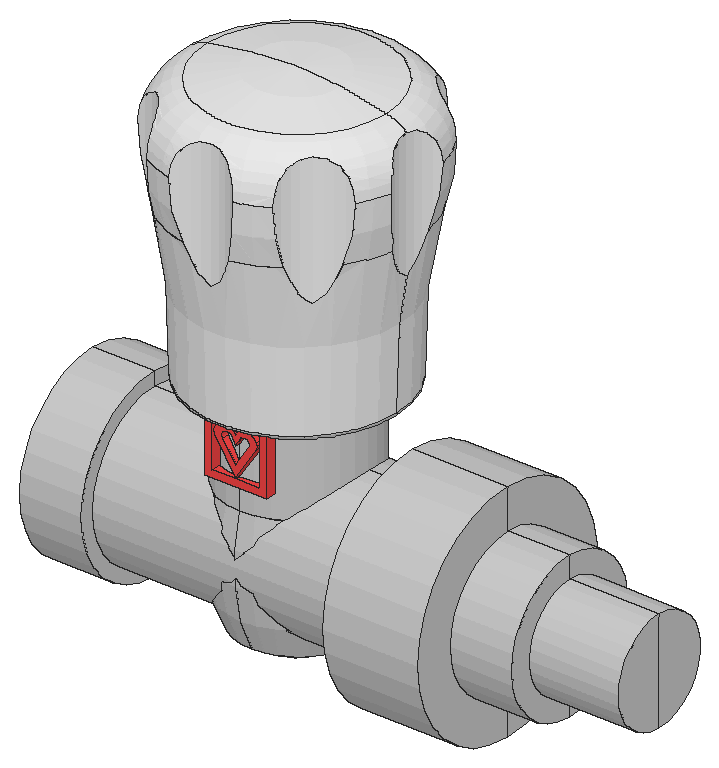
Revit family "GP Heizkörperregulierventil DG 5523", category Rohrzubehör, Revit 2019
Family settings
  Bemaßung runder Anschluss = Durchmesser verwenden
  Teiletyp = Unterbricht
  OmniClass-Nummer = 23.65.55.14
  OmniClass-Titel = Valves for Liquid Services
  Arbeitsebenenbasiert = Nein
  Immer vertikal = Ja
  Beim Laden mit Abzugskörper schneiden = Nein
  Gemeinsam genutzt = Nein
Parameters
  W01 = 60.00°  # constant formula
  URL = "www.herz-armaturen.at"
  SCRNSEQ = "ARM;ARM_TYP=\"ALLF\";2"
  SCRNCODE = "05;00;02"  # constant formula
  S04 = 45.000 mm  # constant formula
  S03 = 61.000 mm  # constant formula
  S02 [instance] = L05 + L06 + L07  # 53.300 mm
  S01 = 10.000 mm  # constant formula
  R05 = 25.000 mm  # constant formula
  R04 = 2.000 mm  # constant formula
  R03 = 28.000 mm  # constant formula
  R02 = 11.500 mm  # constant formula
  R01 = 10.500 mm  # constant formula
  Nennweite [instance] = 15.000 mm
  Medium = "Heizwasserqualität entsprechend ÖNORM H 5195 bzw. VDI-Richtllinie 2035."
  Max.Betriebstemperatur = 120 °C  # constant formula
  Max.Betriebsdruck = 1000000.0 Pa  # constant formula
  LO1 = 10.500 mm  # constant formula
  L07 [instance] = size_lookup("5523_", "L7", 1.000 mm, Nennweite)  # 22.300 mm
  L06 [instance] = size_lookup("5523_", "L6", 1.000 mm, Nennweite)  # 14.000 mm
  L05 [instance] = L02 - L04  # 17.000 mm
  L04 [instance] = size_lookup("5523_", "L4", 1.000 mm, Nennweite)  # 8.000 mm
  L03 [instance] = size_lookup("5523_", "L3", 1.000 mm, Nennweite)  # 9.000 mm
  L02 [instance] = size_lookup("5523_", "L2", 1.000 mm, Nennweite)  # 25.000 mm
  L01 [instance] = size_lookup("5523_", "L1", 1.000 mm, Nennweite)  # 30.000 mm
  Hersteller = "HERZ Armaturen Ges.m.b.H."  # constant formula
  Handrad = "Kunststoff, weiß"  # constant formula
  H02 = 25.500 mm  # constant formula
  H01 = 17.000 mm  # constant formula
  Gehäuse = "vernickeltes Messing"  # constant formula
  GTI [instance] = size_lookup("5523_", "GT1", 1.000 mm, Nennweite)  # 13.200 mm
  GT [instance] = size_lookup("5523_", "GT", 1.000 mm, Nennweite)  # 9.500 mm
  G2 [instance] = Nennweite / 2  # 7.500 mm
  G1 [instance] = Nennweite / 2  # 7.500 mm
  D05 [instance] = size_lookup("5523_", "D5", 1.000 mm, Nennweite)  # 10.650 mm
  D04 [instance] = size_lookup("5523_", "D4", 1.000 mm, Nennweite)  # 16.500 mm
  D03 [instance] = size_lookup("5523_", "D3", 1.000 mm, Nennweite)  # 9.525 mm
  D02 [instance] = size_lookup("5523_", "D2", 1.000 mm, Nennweite)  # 11.500 mm
  D01 [instance] = size_lookup("5523_", "D1", 1.000 mm, Nennweite)  # 13.500 mm
  Bestellnummer [instance] = size_lookup("5523_", "Artnr", 0, Nennweite)  # 1552321
  Ausführungen = "Universalmodelle mit Spezialmuffen für Gewinderohr und Klemmsetanschluss, vernickelt."
Reference planes
  plane 1 "Mitte (Vorne/hinten)": y = 0
  plane 2: z = 0
  plane 3 "Mitte (Links/rechts)": x = 0
Forms (mm)
  Revolve 1, solid, material "Messing, weicher Gelbton, geschweißt", detail levels fine
    sketch origin (0, 0, 0) x (1, 0, 0) y (0, 0, 1)
      loop
        line (-20.5, 0) -> (25, 0) -> (25, 9.525) -> (17, 9.525) -> (17, 11.5) -> (-21, 11.5) -> (-21, 13.5) -> (-30, 13.5) -> (-30, 7.5) -> (-20.5, 7.5) -> (-20.5, 0)
      axis (-30, 0) -> (25, 0)
    angle from 0 to 360
  Revolve 2, solid, material "Messing, weicher Gelbton, geschweißt", detail levels fine
    sketch origin (0, 0, 0) x (0, 1, 0) y (0, 0, 1)
      loop
        line (0, 25.5) -> (-10.5, 25.5) -> (-10.5, 7)
        arc (-10.5, 7) -> (-11.341, -2.816) -> (-8.325, -12.194) r 25
        line (-8.325, -12.194) -> (0, -17) -> (0, 25.5)
      axis (0, -17) -> (0, 25.5)
    angle from 0 to 360
  Revolve 3, solid, material "Messing, weicher Gelbton, geschweißt", detail levels fine
    sketch origin (0, 0, 0) x (1, 0, 0) y (0, 0, 1)
      loop
        line (25, 0) -> (53.3, 0) -> (53.3, 7.5) -> (40.1, 7.5) -> (40.1, 10.65) -> (31, 10.65) -> (31, 16.5) -> (17, 16.5) -> (17, 9.525) -> (25, 9.525) -> (25, 0)
      axis (17, 0) -> (53.3, 0)
    angle from 0 to 360
Lines and regions (mm)
  model lines, detail levels coarse+medium
    curve 1: line (-30, 0, 13.5) -> (-30, 0, -13.5)
    curve 2: line (-30, 0, -13.5) -> (30, 0, 13.5)
    curve 3: line (30, 0, 13.5) -> (30, 0, -13.5)
    curve 4: line (30, 0, -13.5) -> (-30, 0, 13.5)
    curve 5: line (30, 0, 13.5) -> (40, 0, 13.5)
    curve 6: line (40, 0, 13.5) -> (30, 0, 0)
    curve 7: line (30, 0, -13.5) -> (40, 0, -13.5)
    curve 8: line (40, 0, -13.5) -> (30, 0, 0)
    curve 9: line (30, 0, 0) -> (53.3, 0, 0)
    curve 10: line (0, 0, 0) -> (0, 0, 61)
    curve 11: line (-22.5, 0, 61) -> (22.5, 0, 61)
    curve 12: line (-30, 13.5, 0) -> (-30, -13.5, 0)
    curve 13: line (-30, -13.5, 0) -> (30, 13.5, 0)
    curve 14: line (30, 13.5, 0) -> (30, -13.5, 0)
    curve 15: line (30, -13.5, 0) -> (-30, 13.5, 0)
    curve 16: line (0, 0, 0) -> (0, 61, 0)
    curve 17: line (-22.5, 61, 0) -> (22.5, 61, 0)
    curve 18: line (30, 13.5, 0) -> (40, 13.5, 0)
    curve 19: line (40, 13.5, 0) -> (30, 0, 0)
    curve 20: line (30, -13.5, 0) -> (40, -13.5, 0)
    curve 21: line (40, -13.5, 0) -> (30, 0, 0)
Dimensions and locks
  "L01": Revolve 1 sketch curve to plane 3 "Mitte (Links/rechts)"
  "L02": Revolve 1 sketch curve to plane 3 "Mitte (Links/rechts)"
  "G1": Revolve 1 sketch curve to plane 2
  "GT": Revolve 1 sketch curve to Revolve 1 sketch curve
  "D01": Revolve 1 sketch curve to Revolve 1 sketch curve
  "D02": Revolve 1 sketch curve to Revolve 1 sketch curve
  "D03": Revolve 1 sketch curve to Revolve 1 sketch curve
  "L03": Revolve 1 sketch curve to Revolve 1 sketch curve
  "L04": Revolve 1 sketch curve to Revolve 1 sketch curve
  "H01": plane 2 to Revolve 2 sketch curve
  "H02": Revolve 2 sketch curve to plane 2
  "R01": Revolve 2 sketch curve to plane 1 "Mitte (Vorne/hinten)"
  "R02": Revolve 2 sketch curve to plane 1 "Mitte (Vorne/hinten)"
  "D03": Revolve 3 sketch curve to plane 2
  "L04": Revolve 3 sketch curve to Revolve 3 sketch curve
  "L05": Revolve 3 sketch curve to plane 3 "Mitte (Links/rechts)"
  "L06": Revolve 3 sketch curve to Revolve 3 sketch curve
  "L07": Revolve 3 sketch curve to Revolve 3 sketch curve
  "D04": Revolve 3 sketch curve to Revolve 3 sketch curve
  "G2": Revolve 3 sketch curve to Revolve 3 sketch curve
  "D05": Revolve 3 sketch curve to Revolve 3 sketch curve
  "GTI": Revolve 3 sketch curve to Revolve 3 sketch curve
  "LO1": nested 2 to plane 2
  "LO1": nested 1 to nested 2
  "D01": curve 4 to plane 2 to curve 2
  "D01": curve 3 to plane 2 to curve 4
  "L01": curve 1 to plane 3 "Mitte (Links/rechts)" to curve 3
  "S01": curve 3 to curve 6
  "S02": curve 9 to plane 3 "Mitte (Links/rechts)"
  "S03": curve 10 to plane 2
  equal spacing: curve 11, curve 10, curve 11
  "S04": curve 11 to curve 11
  "L01": curve 12 to plane 3 "Mitte (Links/rechts)" to curve 14
  "D01": curve 13 to plane 1 "Mitte (Vorne/hinten)" to curve 15
  "D01": curve 15 to plane 1 "Mitte (Vorne/hinten)" to curve 14
  "S03": plane 1 "Mitte (Vorne/hinten)" to curve 16
  equal spacing: curve 17, plane 3 "Mitte (Links/rechts)", curve 17
  "S04": curve 17 to curve 17
  "S01": curve 14 to curve 19
  "S01": curve 14 to curve 21
  "R05": radius of Revolve 2 sketch curve
  "W01": angle Revolve 2 sketch curve to Revolve 2 sketch curve
  aligned and locked: level to plane 2
Automatic sketch dimensions
  curve 10 to level = 0.000 mm
  curve 9 to level = 0.000 mm
  curve 3 to curve 7 = 10.000 mm
  curve 16 to plane 3 "Mitte (Links/rechts)" = 0.000 mm
  plane 1 "Mitte (Vorne/hinten)" to curve 19 = 0.000 mm
  Revolve 1 sketch curve to level = 0.000 mm  (x2)
  Revolve 1 sketch curve to Revolve 1 sketch curve = 1436.530 mm
  Revolve 1 sketch curve to Revolve 1 sketch curve = 1779.148 mm
  Revolve 2 sketch curve to plane 1 "Mitte (Vorne/hinten)" = 0.000 mm  (x2)
  Revolve 2 sketch curve to level = 0.000 mm
  Revolve 2 sketch curve to Revolve 2 sketch curve = 98.333 mm
  Revolve 2 sketch curve to Revolve 2 sketch curve = 1236.335 mm
  Revolve 3 sketch curve to level = 0.000 mm  (x2)
  Revolve 3 sketch curve to plane 3 "Mitte (Links/rechts)" = 1506.530 mm
  Revolve 3 sketch curve to Revolve 3 sketch curve = 1789.648 mm
Nested families
  nested 1: "Handrad-Heizkörperventile" at (0, 0, 20), type "Handrad-Heizkörperventile", detail levels fine
  nested 2: "Herz-Logo-vorne" at (0, -10.5, 15) x (0, 1, 0) z (0, 0, 1), type "Herz-Logo-vorne", detail levels fine
Connectors
  piping at (-20.5, 0, 0), diameter 15, driven by "Nennweite"
    settings: on Revolve 1, index 1, connector inside diameter 609.6 mm, connector length 0.000 mm, flow factor 0, pipe flow 0.0 L/s, pressure drop 0.0 Pa, fitting loss kfactor 0, connector angle 0.00°, fixture units 0, engagement length 0.000 mm, angle of deflection 0.00°, flow configuration 0, flow direction 1, fitting loss method 0, system type 7, joint type 0, gender type 0, connector reference index -1, connector utility 0, adjustable connector no, is connector primary yes, connector description ""
  piping at (53.3, 0, 0), diameter 15, driven by "Nennweite"
    settings: on Revolve 3, index 2, connector inside diameter 609.6 mm, connector length 0.000 mm, flow factor 0, pipe flow 0.0 L/s, pressure drop 0.0 Pa, fitting loss kfactor 0, connector angle 0.00°, fixture units 0, engagement length 0.000 mm, angle of deflection 0.00°, flow configuration 0, flow direction 2, fitting loss method 0, system type 7, joint type 0, gender type 0, connector reference index -1, connector utility 0, adjustable connector no, is connector primary no, connector description ""
Definition of nested family "Handrad-Heizkörperventile"
  Parameters (values of type "Handrad-Heizkörperventile")
    T01 = 5.500 mm  # constant formula
    R01 = 10.500 mm  # constant formula
  Reference planes
    plane 1 "Mitte (Vorne/hinten)": y = 0
    plane 2: z = 0
    plane 3 "Mitte (Links/rechts)": x = 0
  Forms (mm)
    Revolve 1, solid, detail levels fine
      sketch origin (0, 0, 0) x (1, 0, 0) y (0, 0, 1)
        loop
          line (10.5, 0) -> (14.25, 0)
          arc (14.25, 0) -> (14.604, 0.146) -> (14.75, 0.5) r 0.5
          arc (14.75, 0.5) -> (15.098, 12.356) -> (17.195, 24.03) r 80
          arc (17.195, 24.03) -> (18.172, 28.281) -> (18.5, 32.63) r 29
          arc (18.5, 32.63) -> (17.011, 36.946) -> (13.177, 39.426) r 7
          arc (13.177, 39.426) -> (6.637, 40.626) -> (0, 41.028) r 55
          line (0, 41.028) -> (0, 5.5) -> (10.5, 5.5) -> (10.5, 0)
        axis (0, 41.028) -> (0, 0)
      angle from 0 to 360
    Extrusion 2, void
      sketch origin (0, 0, 0) x (1, 0, 0) y (0, 1, 0)
        loop
          arc (-16.011, 9.268) -> (-11.314, 11.314) -> (-9.268, 16.011) r 7
          arc (-9.268, 16.011) -> (-13.081, 13.081) -> (-16.011, 9.268) r 18.5
        loop
          arc (16.011, 9.268) -> (13.081, 13.081) -> (9.268, 16.011) r 18.5
          arc (9.268, 16.011) -> (11.314, 11.314) -> (16.011, 9.268) r 7
        loop
          arc (-16.011, -9.268) -> (-13.081, -13.081) -> (-9.268, -16.011) r 18.5
          arc (-9.268, -16.011) -> (-11.314, -11.314) -> (-16.011, -9.268) r 7
        loop
          arc (16.011, -9.268) -> (11.314, -11.314) -> (9.268, -16.011) r 7
          arc (9.268, -16.011) -> (13.081, -13.081) -> (16.011, -9.268) r 18.5
        loop
          arc (17.953, 4.58) -> (16.078, -0.188) -> (17.953, -4.956) r 7
          arc (17.953, -4.956) -> (18.578, -0.188) -> (17.953, 4.58) r 18.5
        loop
          arc (-17.953, 4.58) -> (-18.578, -0.188) -> (-17.953, -4.956) r 18.5
          arc (-17.953, -4.956) -> (-16.078, -0.188) -> (-17.953, 4.58) r 7
        loop
          arc (-4.58, 17.953) -> (0.188, 16.078) -> (4.956, 17.953) r 7
          arc (4.956, 17.953) -> (0.188, 18.578) -> (-4.58, 17.953) r 18.5
        loop
          arc (-4.58, -17.953) -> (0.188, -18.578) -> (4.956, -17.953) r 18.5
          arc (4.956, -17.953) -> (0.188, -16.078) -> (-4.58, -17.953) r 7
      from 15.609 to 43.011
  Cuts and joins
    Extrusion 2 cuts Revolve 1
  Dimensions and locks
    "R01": Revolve 1 sketch curve to Revolve 1 sketch curve
    Revolve 1 sketch curve to plane 3 "Mitte (Links/rechts)" = 14.750 mm
    "T01": Revolve 1 sketch curve to Revolve 1 sketch curve
    aligned and locked: level to plane 2
  Automatic sketch dimensions
    Extrusion 2 sketch curve to Extrusion 2 sketch curve = 0.000 mm  (x14)
    plane 1 "Mitte (Vorne/hinten)" to Extrusion 2 sketch curve = 0.000 mm
    Extrusion 2 sketch curve to plane 3 "Mitte (Links/rechts)" = 0.000 mm
    Extrusion 2 sketch curve to plane 3 "Mitte (Links/rechts)" = 0.078 mm
    Extrusion 2 sketch curve to plane 3 "Mitte (Links/rechts)" = 16.263 mm  (x2)
    plane 1 "Mitte (Vorne/hinten)" to Extrusion 2 sketch curve = 0.188 mm  (x2)
    Extrusion 2 sketch curve to Extrusion 2 sketch curve = 6.815 mm  (x4)
    plane 3 "Mitte (Links/rechts)" to Extrusion 2 sketch curve = 0.078 mm
    plane 3 "Mitte (Links/rechts)" to Extrusion 2 sketch curve = 0.188 mm  (x2)
    plane 1 "Mitte (Vorne/hinten)" to Extrusion 2 sketch curve = 0.078 mm
    Extrusion 2 sketch curve to Extrusion 2 sketch curve = 0.110 mm  (x2)
    Extrusion 2 sketch curve to plane 1 "Mitte (Vorne/hinten)" = 0.078 mm
    plane 3 "Mitte (Links/rechts)" to Extrusion 2 sketch curve = 16.263 mm  (x2)
    plane 1 "Mitte (Vorne/hinten)" to Extrusion 2 sketch curve = 16.263 mm  (x2)
    Extrusion 2 sketch curve to plane 1 "Mitte (Vorne/hinten)" = 16.263 mm  (x2)
    Extrusion 2 sketch curve to plane 3 "Mitte (Links/rechts)" = 4.580 mm  (x2)
    Extrusion 2 sketch curve to Extrusion 2 sketch curve = 4.688 mm  (x2)
    Extrusion 2 sketch curve to Extrusion 2 sketch curve = 0.252 mm  (x4)
    Extrusion 2 sketch curve to Extrusion 2 sketch curve = 1.942 mm  (x4)
    Extrusion 2 sketch curve to Extrusion 2 sketch curve = 4.312 mm  (x4)
    Revolve 1 sketch curve to plane 3 "Mitte (Links/rechts)" = 0.000 mm  (x2)
    Revolve 1 sketch curve to level = 0.000 mm
    Revolve 1 sketch curve to plane 3 "Mitte (Links/rechts)" = 10.500 mm
    plane 3 "Mitte (Links/rechts)" to Revolve 1 sketch curve = 11.500 mm
    Revolve 1 sketch curve to Revolve 1 sketch curve = 0.500 mm
    level to Revolve 1 sketch curve = 4.086 mm
    Revolve 1 sketch curve to Revolve 1 sketch curve = 79.920 mm
    Revolve 1 sketch curve to level = 13.972 mm
    Revolve 1 sketch curve to Revolve 1 sketch curve = 27.130 mm
    Revolve 1 sketch curve to Revolve 1 sketch curve = 8.398 mm
    Revolve 1 sketch curve to Revolve 1 sketch curve = 0.000 mm
    Revolve 1 sketch curve to Revolve 1 sketch curve = 1.305 mm
    Revolve 1 sketch curve to Revolve 1 sketch curve = 352.073 mm
    Revolve 1 sketch curve to Revolve 1 sketch curve = 2173.287 mm
Definition of nested family "Herz-Logo-vorne"
  Reference planes
    plane 1 "Mitte (Vorne/hinten)": y = 0
    plane 2: z = 0
    plane 3 "Mitte (Links/rechts)": x = 0
  Forms (mm)
    Extrusion 1, solid
      sketch origin (0.732, -0.018, 0.017) x (0, -1, 0) y (0, 0, 1)
        loop
          line (-0.018, -4.517) -> (4.482, -4.517) -> (4.482, 4.483) -> (-4.518, 4.483) -> (-4.518, -4.517) -> (-0.018, -4.517)
        loop
          line (-0.05, -3.48) -> (3.482, -3.48) -> (3.482, 3.483) -> (-3.518, 3.483) -> (-3.518, -3.48) -> (-0.05, -3.48)
        loop
          arc (-0.018, 2.383) -> (-1.543, 3.287) -> (-3.067, 2.383) r 1.738
          arc (-3.067, 2.383) -> (-3.191, 1.899) -> (-3.067, 1.415) r 1.009
          line (-3.067, 1.415) -> (-0.018, -3.281) -> (3.032, 1.415)
          arc (3.032, 1.415) -> (3.156, 1.899) -> (3.032, 2.383) r 1.009
          arc (3.032, 2.383) -> (1.507, 3.287) -> (-0.018, 2.383) r 1.738
        loop
          arc (1.885, 1.272) -> (2.005, 1.675) -> (1.885, 2.079) r 0.74
          arc (1.885, 2.079) -> (1.265, 2.416) -> (0.644, 2.079) r 0.74
          line (0.644, 2.079) -> (-0.018, 0.97) -> (-0.679, 2.079)
          arc (-0.679, 2.079) -> (-1.3, 2.416) -> (-1.921, 2.079) r 0.74
          arc (-1.921, 2.079) -> (-2.04, 1.675) -> (-1.921, 1.272) r 0.74
          line (-1.921, 1.272) -> (-0.018, -1.658) -> (1.885, 1.272)
      from 0 to 1.5
  Dimensions and locks
    aligned and locked: level to plane 2
